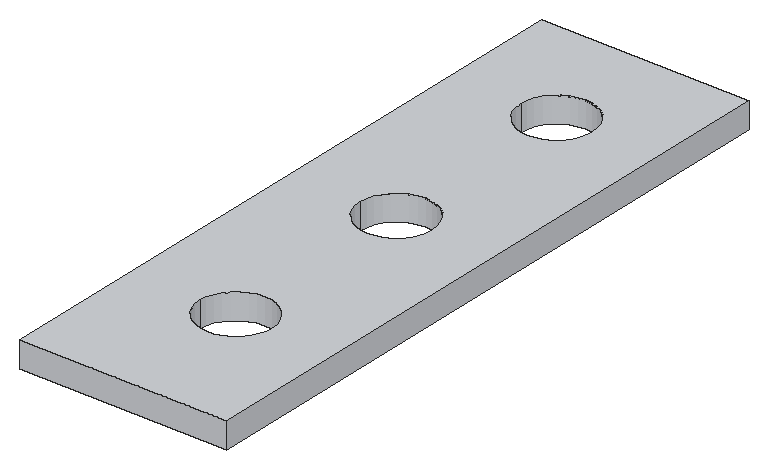
Revit family "MP3", category Generic Models, Revit 2017
Family settings
  Can host rebar = No
  Round Connector Dimension = Use Diameter
  Part Type = Normal
  Work Plane-Based = Yes
  Always vertical = No
  Cut with Voids When Loaded = No
  Shared = No
  Room Calculation Point = No
Parameters (values of type "NBS Standard Parameters")
  Weight = "0.175Kg"
  WarrantyStartDate [instance] = "1900-12-31T23:59:59"
  WarrantyGuarantorParts = "n/a"
  WarrantyGuarantorLabor = "n/a"
  WarrantyDurationUnit = "1 year"
  WarrantyDurationParts = "n/a"
  WarrantyDurationLabor = "n/a"
  WarrantyDescription = "n/a"
  Version = "1"
  Uniclass2 = "Pr_65_70_11_19"
  TagNumber [instance] = "n/a"
  SustainabilityPerformance = "n/a"
  Size = "n/a"
  Shape = "Flat"
  SerialNumber [instance] = "n/a"
  Revision = "n/a"
  ReplacementCost = "n/a"
  ProductInformation = "www.metpro.co.uk/pdf/mp3.pdf"
  NominalWidth = 40 mm
  NominalLength = 128 mm
  NominalHeight = 5 mm
  Name = ""
  NBSTypeID = ""
  NBSReference = "90-55-10/305"
  NBSOfficeMasterTag = ""
  NBSNote = ""
  NBSDescription = "Channel Cable Support"
  NBSCertification = ""
  ModelReference = "MP3"
  ModelNumber = "n/a"
  Material = "Steel"
  ManufacturerURL = "www.metpro.co.uk"
  ManufacturerName = "Metpro Ltd"
  Keynote = "Compliant to LU Standard 1-085"
  InstallationDate [instance] = "1900-12-31T23:59:59"
  IfcExportType = ""
  IfcExportAs = ""
  Grade = "n/a"
  Finish = "Hot Dipped Galvanised"
  Features = "n/a"
  ExpectedLife = "n/a"
  DurationUnit = "year"
  Description = "MP3  Splice Plates 3 Hole"
  Default Elevation = 1219.2 mm
  Constituents = "n/a"
  Color = "n/a"
  CodePerformance = "n/a"
  Category = "n/a"
  BarCode [instance] = "n/a"
  BIMObjectName = "metpro_metprolibrary_channelcablesupports_channelbrackets"
  Author = "Metpro Ltd"
  AssetType = ""
  AssetIdentifier [instance] = "n/a"
  AccessibilityPerformance = "n/a"
Reference planes
  plane 1 "Center (Front/Back)": y = 0
  plane 2: z = 0
  plane 3 "Center (Left/Right)": x = 0
Forms (mm)
  Extrusion 1, solid
    sketch origin (21.316, 35.382, 0) x (1, 0, 0) y (0, 1, 0)
      loop
        line (-20.658, 19.478) -> (-20.658, -106.522) -> (19.342, -106.522) -> (19.342, 19.478) -> (-20.658, 19.478)
      loop
        circle (-0.077, -2.617) r 7
      loop
        circle (-0.077, -41.322) r 7
      loop
        circle (-0.077, -80.12) r 7
    from 0 to 5
Dimensions and locks
  aligned and locked: level to plane 2
